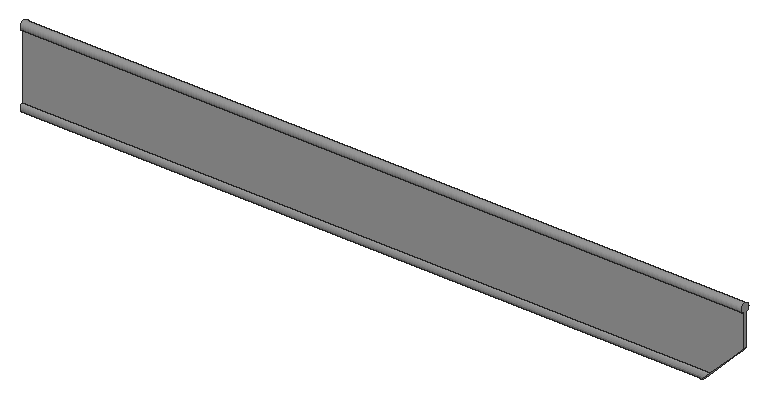
Revit family "PVC647_6 Inch DB PVC Waterstop", category Specialty Equipment, Revit 2019
Family settings
  Round Connector Dimension = Use Diameter
  Part Type = Normal
  OmniClass Number = 23.10.00.00
  OmniClass Title = Site Products
  Cut with Voids When Loaded = No
  Shared = No
  Room Calculation Point = No
Parameters (values of type "PVC647 - Vertical")
  z_Vertical = yes
  z_Left Cut Distance [instance] = if([Left Cut 45° Tee-Cross], 0.00", 3.00")  # 3.00"
  z_Horizontal = no
  z_Distance 3 [instance] = if(Ellbow Cut, 4.00", 15.00")  # 15.00"
  z_Distance 2 [instance] = if(and(Corner Cut, z_Vertical), 0.44", 5.00")  # 5.00"
  z_Distance 1 [instance] = if([Right Cut 45° Tee-Cross], 5.00", 10.00")  # 5.00"
  z_Distance [instance] = if([Left Cut 45° Tee-Cross], 5.00", 10.00")  # 10.00"
  z_Cut Distance [instance] = if(z_Distance 2 = 0.44", 0.44", 0.00")  # 0.00"
  Width = 6.00"
  Weight = "1.11 lbs/l/ft"
  URL = "https://www.jpspecialties.com/"
  z_Right Cut Distance [instance] = if([Right Cut 45° Tee-Cross], 0.00", 3.00")  # 0.00"
  Telephone = "951-763-7077"
  Right Cut 45° Tee-Cross [instance] = yes
  Product data url = "www.bimmodeller.com/jpspecialties/products/Polyvinyl-Chloride-PVC-Waterstop"
  Product Material = JP Specialties - Polyvinyl Chloride (PVC)
  Product Guid = "27e5cdcc-cece-4d8c-947d-ca6b8ef269ba"  # constant formula
  NOTE [instance] = "Elbow Cut and Tee-Cross cuts cannot be checked at the same time"  # constant formula
  Model = "PVC647"
  Materials = PVC
  Manufacturer = "J P Specialties Inc."  # constant formula
  built-in parameter 1001306 [instance] = 48.00"
  Left Cut 45° Tee-Cross [instance] = no
  z_Ellbow Cut Distance [instance] = if(Ellbow Cut, 0.00", 3.00")  # 3.00"
  z_Ellbow Cut Sweep Distance [instance] = if(Ellbow Cut, 3.00", 0.00")  # 0.00"
  Hydrophobic = "Yes"
  Hydrophilic = "No"
  Height = 0.63"
  Ellbow Cut [instance] = no
  Keynote = "13000"
  Edition number = 1
  Description = "PVC647 is 6\" x 1/4\" x 50' Earth Shield PVC dumbbell waterstop."
  Corner Cut [instance] = no
  Certifications = "NSF 61, NSF 372, CRD C-572-74, ASTM D536"
  Assembly Code = "F1030"
Types (2): name | z_Vertical | z_Horizontal
  PVC647 - Horizontal | no | yes
  PVC647 - Vertical | yes | no
Reference planes (in)
  plane 1 "Center (Front/Back)": y = 0
  plane 2: z = 0
  plane 3 "Left": x = 0
  plane 4 "Right": x = 48
  plane 5: y = 3
  plane 6: y = -3
  plane 7: z = -1
  plane 8: z = 10
  plane 9: z = -5
  plane 10: x = 48
  plane 11: z = 15
  plane 12: x = -5
  plane 13: x = 0
  plane 14: y = 4.75
Forms (in)
  Extrusion 1, void
    sketch origin (0, 0, 0) x (1, 0, 0) y (0, 1, 0)
      loop
        line (48, 0) -> (48, 4.75) -> (43.25, 4.75) -> (48, 0)
    from 2 to 12
  Extrusion 2, void
    sketch origin (0, 0, 0) x (1, 0, 0) y (0, 1, 0)
      loop
        line (51, -2.99984) -> (51, 4.75) -> (43.25016, 4.75) -> (51, -2.99984)
    from 2 to 12
  Extrusion 3, void
    sketch origin (0, 0, 0) x (1, 0, 0) y (0, 1, 0)
      loop
        line (48, 0) -> (43.5, -4.5) -> (48, -4.5) -> (48, 0)
    from -1 to 12
  Extrusion 4, void
    sketch origin (0, 0, 0) x (1, 0, 0) y (0, 0, 1)
      loop
        line (48, 5.05025) -> (48, 10) -> (43.05025, 10) -> (48, 5.05025)
    from -8.21469 to 12
  Extrusion 5, void
    sketch origin (0, 0, 0) x (1, 0, 0) y (0, 0, 1)
      loop
        line (48, 0) -> (43, -5) -> (48, -5) -> (48, 0)
    from -8.21469 to 12
  Extrusion 6, void
    sketch origin (0, 0, 0) x (1, 0, 0) y (0, 0, 1)
      loop
        line (48, 14.00041) -> (40.24959, 6.25) -> (48, 6.25) -> (48, 14.00041)
    from -8.21469 to 12
  Extrusion 7, void
    sketch origin (0, 0, 0) x (1, 0, 0) y (0, 1, 0)
      loop
        line (-5, -4.5025) -> (4.2525, 4.75) -> (-5, 4.75) -> (-5, -4.5025)
    from -8.14882 to 12
  Sweep 8, solid, material "PVC" <- "Materials", visible <- "z_Horizontal"
    path origin (0, 0, 0) x (1, 0, 0) y (0, 1, 0)
      loop
        line (-5, 0.00016) -> (48, 0.00016)
    profile "PVC647 : PVC647" origin (21.5, 0.00016, 0) x (0, 1, 0) y (0, 0, 1)
      loop
        line (-2.4011, -0.125) -> (2.4011, -0.125)
        arc (2.4011, -0.125) -> (3, 0) -> (2.4011, 0.125) r 0.3125
        line (2.4011, 0.125) -> (-2.4011, 0.125)
        arc (-2.4011, 0.125) -> (-3, 0) -> (-2.4011, -0.125) r 0.3125
  Sweep 9, solid, material "PVC" <- "Materials", visible <- "z_Vertical"
    path origin (0, 0, 0) x (1, 0, 0) y (0, 1, 0)
      loop
        line (-5, 0) -> (48, 0)
    profile "PVC647 : PVC647" origin (21.5, 0, 0) x (0, 1, 0) y (0, 0, 1)
      loop
        line (-0.1248, 2.40149) -> (-0.12438, -2.4007)
        arc (-0.12438, -2.4007) -> (0.00067, -2.99959) -> (0.12562, -2.40068) r 0.3125
        line (0.12562, -2.40068) -> (0.1252, 2.40152)
        arc (0.1252, 2.40152) -> (0.00015, 3.00041) -> (-0.1248, 2.40149) r 0.3125
Cuts and joins
  Extrusion 1, Extrusion 2, Extrusion 3 cuts Sweep 8
  Extrusion 4, Extrusion 5, Extrusion 6 cuts Sweep 9
Lines and regions (in)
  reference lines
    curve 1: line (0, 0, 0) -> (48, 0, 0)
Dimensions and locks (in)
  "built-in parameter 1001306": plane 3 "Left" to plane 4 "Right"
  equal spacing: plane 5, plane 1 "Center (Front/Back)", plane 6
  locked: plane 5 to plane 6 at 6
  locked: Extrusion 1 sketch curve to plane 4 "Right" at 4.75
  locked: plane 2 to plane 7 at 1
  "z_Left Cut Distance": Extrusion 1 to plane 7
  Extrusion 2 sketch curve to plane 4 "Right" = 4.74984"
  Extrusion 2 sketch curve to plane 5 = 5.99984"
  "z_Ellbow Cut Distance": Extrusion 2 to plane 7
  plane 4 "Right" to Extrusion 2 sketch curve = 3.00"
  locked: Extrusion 3 sketch curve to plane 4 "Right" at 4.5
  locked: plane 6 to Extrusion 3 sketch curve at 3
  "z_Right Cut Distance": Extrusion 3 to plane 7
  "z_Distance": plane 8 to plane 2
  locked: plane 8 to Extrusion 4 sketch curve at 4.94975
  "z_Distance 1": plane 2 to plane 9
  locked: Extrusion 5 sketch curve to plane 9 at 5
  "z_Ellbow Cut Sweep Distance": plane 10 to plane 4 "Right"
  "z_Distance 3": plane 11 to plane 2
  "z_Distance 2": plane 12 to plane 3 "Left"
  locked: plane 1 "Center (Front/Back)" to Extrusion 7 sketch curve at 4.75
  "z_Cut Distance": plane 13 to plane 3 "Left"
  locked: plane 12 to Extrusion 7 sketch curve at 9.2525
  locked: plane 5 to plane 14 at 1.75
  plane 11 to Extrusion 6 sketch curve to Extrusion 6 sketch curve = 0.99959" locked, 7.75041" locked
  locked: plane 10 to Extrusion 6 sketch curve at 7.75041
  locked: plane 4 "Right" to Extrusion 1 sketch curve (angle 45.00°)
  angle plane 4 "Right" to Extrusion 2 sketch curve = 45.00°
  locked: Extrusion 3 sketch curve to plane 4 "Right" (angle 45.00°)
  locked: plane 4 "Right" to Extrusion 4 sketch curve (angle 45.00°)
  angle Extrusion 5 sketch curve to plane 4 "Right" = 45.00°
  locked: Extrusion 6 sketch curve to Extrusion 6 sketch curve (angle 45.00°)
  locked: Extrusion 7 sketch curve to plane 12 (angle 45.00°)
  aligned and locked: plane 4 "Right" to curve 1
  aligned and locked: plane 1 "Center (Front/Back)" to curve 1
  aligned and locked: plane 3 "Left" to curve 1
  aligned and locked: level to plane 2
  aligned and locked: Extrusion 1 sketch curve to plane 4 "Right"
  aligned and locked: plane 1 "Center (Front/Back)" to Extrusion 1 sketch curve
  aligned and locked: Extrusion 4 sketch curve to plane 8
  aligned and locked: Extrusion 4 sketch curve to plane 4 "Right"
  aligned and locked: plane 4 "Right" to Extrusion 5 sketch curve  (x2)
  aligned and locked: plane 9 to Extrusion 5 sketch curve
  aligned and locked: plane 10 to Extrusion 6 sketch curve
  aligned and locked: plane 12 to Sweep 8 sketch curve
  aligned and locked: plane 10 to Sweep 8 sketch curve
  aligned and locked: plane 10 to Extrusion 3 sketch curve
  aligned and locked: plane 14 to Extrusion 1 sketch curve
  aligned and locked: plane 12 to Sweep 9 sketch curve
  aligned and locked: plane 1 "Center (Front/Back)" to Sweep 9 sketch curve
  aligned and locked: plane 10 to Sweep 9 sketch curve
  aligned and locked: plane 12 to Extrusion 7 sketch curve
Automatic sketch dimensions
  Sweep 8 sketch curve to plane 1 "Center (Front/Back)" = 0.00016"
